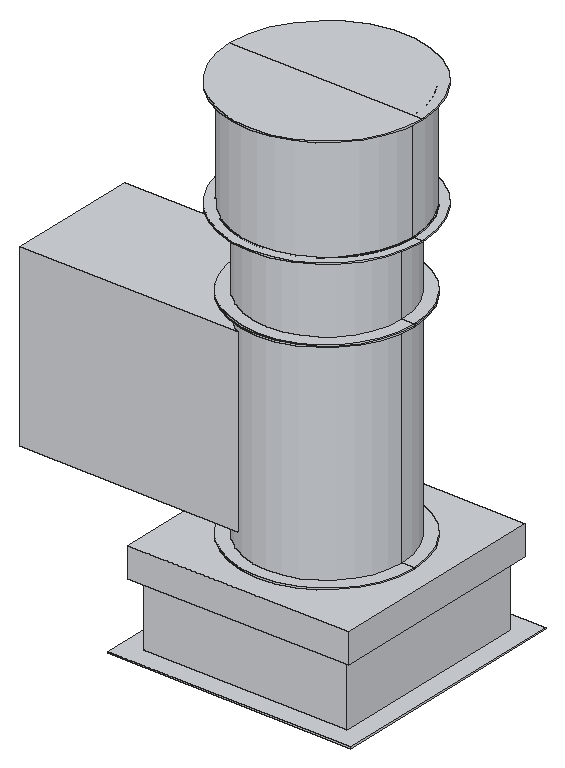
Revit family "AFBV-H_Roof_Exhauster", category Mechanical Equipment, Revit 2019
Family settings
  Round Connector Dimension = Use Diameter
  Part Type = Normal
  Work Plane-Based = No
  Always vertical = Yes
  Cut with Voids When Loaded = No
  Shared = No
  Room Calculation Point = No
Parameters (values of type "14_AFBV-H_ROOF_EXHAUSTER")
  VANE = 0' - 8"
  Unit Weight [instance] = ""
  UP_A_PLUS_VANE = UP_A + VANE  # 3' - 8"
  UP_A-E-3" = UP_A - E - 0' 3"  # 0' - 11"
  UP_A = 3' - 0"
  T_SQ = 1' - 10"
  RO/2 = RO / 2  # 0' - 8 3/4"
  RO = T_SQ - 0' 4 1/2"  # 1' - 5 1/2"
  ModelID [instance] = ""
  L/2 = L / 2  # 0' - 7 3/32"
  L = 1' - 2 3/16"
  K/2 = K / 2  # 0' - 0 3/16"
  K = 0' - 0 3/8"
  J/2 = J / 2  # 0' - 10 1/32"
  CURB_HEIGHT [instance] = 0' - 9 1/2"
  CURB [instance] = yes
  B/2*1.1 = B / 2 * 1.1  # 0' - 9.72813"
  Accessories [instance] = ""
  45 = 45.00°  # constant formula
  (T_SQ+.125")/2 = (T_SQ + 0' 0 1/4") / 2  # 0' - 11 1/8"
  (L-1")/2 = (L - 0' 1") / 2  # 0' - 6 19/32"
  (J+(J-A))/2 = (J + ((J - A) / 2)) / 2  # 0' - 11 21/64"
  J = 1' - 8 1/16"
  CENTER = 0' - 0"  # constant formula
  H-(A/2) = H - (A / 2)  # 1' - 6 3/16"
  H+J = H + CENTER  # 2' - 1 5/8"
  H = 2' - 1 5/8"
  Sones [instance] = ""
  Motor RPM [instance] = ""
  Motor Enclosure [instance] = ""
  LwA [instance] = ""
  G = 6' - 0"
  Fan RPM [instance] = ""
  F/2 = F / 2  # 0' - 0 5/32"
  F = 0' - 0 5/16"
  E/2 = E / 2  # 0' - 11"
  E-2" = E - 0' 2"  # 1' - 8"
  E = 1' - 10"
  C/2+J = C / 2 + CENTER  # 0' - 8 5/16"
  C/2 = C / 2  # 0' - 8 5/16"
  C = 1' - 4 5/8"
  B/2 = B / 2  # 0' - 8 27/32"
  B = 1' - 5 11/16"
  A/3 = A / 2.5  # 0' - 5.95"
  A/2 = A / 2  # 0' - 7 7/16"
  A = 1' - 2 7/8"
  60 = 60.00°  # constant formula
  30 = 30.00°  # constant formula
  3" = 0' - 3"  # constant formula
  Brake Hp [instance] = ""
  4" = 0' - 4"  # constant formula
  2' = 2' - 0"
  2" = 0' - 2"  # constant formula
  1" = 0' - 1"  # constant formula
  0 = 0' - 0"  # constant formula
  Voltage [instance] = 0 V
  URL = "www.lorencook.com"
  Type Comments = "Tube Axial Fan High Temperature Construction Roof Exhauster Belt Drive Arrangement 9"  # constant formula
  Static Pressure [instance] = 0.00 in-wg
  Power [instance] = Voltage * Motor FLA * sqrt(if(Phase = 3, 3, 1))  # 0 VA
  Phase [instance] = 0
  Number of Poles [instance] = 1
  Motor Hp [instance] = "0"
  Motor FLA [instance] = 0 A
  Model = "AFBV-H"  # constant formula
  Manufacturer = "Loren Cook Company"
  CFM [instance] = 0 CFM
  1.5 = 0' - 1 1/2"  # constant formula
  ONE EIGTH = 0' - 0 1/8"  # constant formula
  -E/2 = -E / 2  # -0' - 11"
  -(E-.25")/2 = -(E - 0' 0 1/4") / 2  # -0' - 10 7/8"
  (K/2)-((J-A-.25")/2) = (K / 2) - ((J - A - 0' 0 1/4") / 2)  # -0' - 2 9/32"
  (J-A-.25") = (J - A - 0' 0 1/4")  # 0' - 4 15/16"
  (H-(A/2))/2 = (H - (A / 2)) / 2  # 0' - 9 3/32"
  (E-.25")/2 = (E - 0' 0 1/4") / 2  # 0' - 10 7/8"
  (A+.25")/2 = (A + 0' 0 1/4") / 2  # 0' - 7 9/16"
Types (10): name | VANE | UP_A_PLUS_VANE | UP_A-E-3" | UP_A | T_SQ | RO/2 | RO | L/2 | L | K/2 | K | J/2 | B/2*1.1 | (T_SQ+.125")/2 | (L-1")/2 | (J+(J-A))/2 | J | H-(A/2) | H+J | H | F/2 | F | E/2 | E-2" | E | C/2+J | C/2 | C | B/2 | B | A/3 | A/2 | A | -E/2 | -(E-.25")/2 | (K/2)-((J-A-.25")/2) | (J-A-.25") | (H-(A/2))/2 | (E-.25")/2 | (A+.25")/2
  (no name) | 0' - 8" | 3' - 8" | 0' - 11" | 3' - 0" | 1' - 10" | 0' - 8 3/4" | 1' - 5 1/2" | 0' - 7 3/32" | 1' - 2 3/16" | 0' - 0 3/16" | 0' - 0 3/8" | 0' - 10 1/32" | 0' - 9.72813" | 0' - 11 1/8" | 0' - 6 19/32" | 0' - 11 21/64" | 1' - 8 1/16" | 1' - 6 3/16" | 2' - 1 5/8" | 2' - 1 5/8" | 0' - 0 5/32" | 0' - 0 5/16" | 0' - 11" | 1' - 8" | 1' - 10" | 0' - 8 5/16" | 0' - 8 5/16" | 1' - 4 5/8" | 0' - 8 27/32" | 1' - 5 11/16" | 0' - 5.95" | 0' - 7 7/16" | 1' - 2 7/8" | -0' - 11" | -0' - 10 7/8" | -0' - 2 9/32" | 0' - 4 15/16" | 0' - 9 3/32" | 0' - 10 7/8" | 0' - 7 9/16"
  12_AFBV-H_ROOF_EXHAUSTER | 0' - 6" | 3' - 6" | 0' - 11" | 3' - 0" | 1' - 10" | 0' - 8 3/4" | 1' - 5 1/2" | 0' - 6 3/8" | 1' - 0 3/4" | 0' - 0 3/16" | 0' - 0 3/8" | 0' - 9 1/32" | 0' - 8 19/32" | 0' - 11 1/8" | 0' - 5 7/8" | 0' - 10 21/64" | 1' - 6 1/16" | 1' - 6 3/16" | 2' - 0 5/8" | 2' - 0 5/8" | 0' - 0 5/32" | 0' - 0 5/16" | 0' - 11" | 1' - 8" | 1' - 10" | 0' - 7 5/16" | 0' - 7 5/16" | 1' - 2 5/8" | 0' - 7 13/16" | 1' - 3 5/8" | 0' - 5.15" | 0' - 6 7/16" | 1' - 0 7/8" | -0' - 11" | -0' - 10 7/8" | -0' - 2 9/32" | 0' - 4 15/16" | 0' - 9 3/32" | 0' - 10 7/8" | 0' - 6 9/16"
  16_AFBV-H_ROOF_EXHAUSTER | 0' - 10" | 4' - 1" | 0' - 11" | 3' - 3" | 2' - 2" | 0' - 10 3/4" | 1' - 9 1/2" | 0' - 7 13/16" | 1' - 3 5/8" | 0' - 0 3/16" | 0' - 0 3/8" | 0' - 11 1/32" | 0' - 10.79375" | 1' - 1 1/8" | 0' - 7 5/16" | 1' - 0 21/64" | 1' - 10 1/16" | 1' - 9 11/16" | 2' - 6 1/8" | 2' - 6 1/8" | 0' - 0 5/32" | 0' - 0 5/16" | 1' - 0 1/2" | 1' - 11" | 2' - 1" | 0' - 9 5/16" | 0' - 9 5/16" | 1' - 6 5/8" | 0' - 9 13/16" | 1' - 7 5/8" | 0' - 6 3/4" | 0' - 8 7/16" | 1' - 4 7/8" | -1' - 0 1/2" | -1' - 0 3/8" | -0' - 2 9/32" | 0' - 4 15/16" | 0' - 10 27/32" | 1' - 0 3/8" | 0' - 8 9/16"
  18_AFBV-H_ROOF_EXHAUSTER | 0' - 11" | 4' - 10" | 1' - 7" | 3' - 11" | 2' - 4" | 0' - 11 3/4" | 1' - 11 1/2" | 0' - 8 1/2" | 1' - 5" | 0' - 0 3/16" | 0' - 0 3/8" | 1' - 0 1/32" | 0' - 11.89375" | 1' - 2 1/8" | 0' - 8" | 1' - 1 21/64" | 2' - 0 1/16" | 1' - 9 11/16" | 2' - 7 1/8" | 2' - 7 1/8" | 0' - 0 5/32" | 0' - 0 5/16" | 1' - 0 1/2" | 1' - 11" | 2' - 1" | 0' - 10 5/16" | 0' - 10 5/16" | 1' - 8 5/8" | 0' - 10 13/16" | 1' - 9 5/8" | 0' - 7.55" | 0' - 9 7/16" | 1' - 6 7/8" | -1' - 0 1/2" | -1' - 0 3/8" | -0' - 2 9/32" | 0' - 4 15/16" | 0' - 10 27/32" | 1' - 0 3/8" | 0' - 9 9/16"
  24_AFBV-H_ROOF_EXHAUSTER | 1' - 1" | 5' - 7" | 1' - 8" | 4' - 6" | 3' - 0" | 1' - 3 3/4" | 2' - 7 1/2" | 0' - 10 7/8" | 1' - 9 3/4" | 0' - 0 3/16" | 0' - 0 3/8" | 1' - 3 13/32" | 1' - 4.01875" | 1' - 6 1/8" | 0' - 10 3/8" | 1' - 4 57/64" | 2' - 6 13/16" | 2' - 3 7/16" | 3' - 3 7/8" | 3' - 3 7/8" | 0' - 0 7/32" | 0' - 0 7/16" | 1' - 3 1/2" | 2' - 5" | 2' - 7" | 1' - 1 7/16" | 1' - 1 7/16" | 2' - 2 7/8" | 1' - 2 9/16" | 2' - 5 1/8" | 0' - 9.95" | 1' - 0 7/16" | 2' - 0 7/8" | -1' - 3 1/2" | -1' - 3 3/8" | -0' - 2 21/32" | 0' - 5 11/16" | 1' - 1 23/32" | 1' - 3 3/8" | 1' - 0 9/16"
  28_AFBV-H_ROOF_EXHAUSTER | 1' - 1" | 5' - 7" | 1' - 8" | 4' - 6" | 3' - 6" | 1' - 6 3/4" | 3' - 1 1/2" | 1' - 0 5/16" | 2' - 0 5/8" | 0' - 0 3/16" | 0' - 0 3/8" | 1' - 5 13/32" | 1' - 6 7/32" | 1' - 9 1/8" | 0' - 11 13/16" | 1' - 6 57/64" | 2' - 10 13/16" | 2' - 3 7/16" | 3' - 5 7/8" | 3' - 5 7/8" | 0' - 0 7/32" | 0' - 0 7/16" | 1' - 3 1/2" | 2' - 5" | 2' - 7" | 1' - 3 7/16" | 1' - 3 7/16" | 2' - 6 7/8" | 1' - 4 9/16" | 2' - 9 1/8" | 0' - 11.55" | 1' - 2 7/16" | 2' - 4 7/8" | -1' - 3 1/2" | -1' - 3 3/8" | -0' - 2 21/32" | 0' - 5 11/16" | 1' - 1 23/32" | 1' - 3 3/8" | 1' - 2 9/16"
  32_AFBV-H_ROOF_EXHAUSTER | 1' - 3" | 6' - 6" | 2' - 2" | 5' - 3" | 3' - 6" | 1' - 6 3/4" | 3' - 1 1/2" | 1' - 2 1/8" | 2' - 4 1/4" | 0' - 0 7/32" | 0' - 0 7/16" | 1' - 7 31/32" | 1' - 8.4875" | 1' - 9 1/8" | 1' - 1 5/8" | 1' - 9 45/64" | 3' - 3 15/16" | 2' - 4 3/4" | 3' - 9 1/4" | 3' - 9 1/4" | 0' - 0 7/32" | 0' - 0 7/16" | 1' - 5" | 2' - 8" | 2' - 10" | 1' - 5 1/2" | 1' - 5 1/2" | 2' - 11" | 1' - 6 5/8" | 3' - 1 1/4" | 1' - 1.2" | 1' - 4 1/2" | 2' - 9" | -1' - 5" | -1' - 4 7/8" | -0' - 3 1/8" | 0' - 6 11/16" | 1' - 2 3/8" | 1' - 4 7/8" | 1' - 4 5/8"
  36_AFBV-H_ROOF_EXHAUSTER | 1' - 4" | 6' - 7" | 2' - 2" | 5' - 3" | 4' - 0" | 1' - 9 3/4" | 3' - 7 1/2" | 1' - 3 17/32" | 2' - 7 1/16" | 0' - 0 7/32" | 0' - 0 7/16" | 1' - 9 31/32" | 1' - 10.75625" | 2' - 0 1/8" | 1' - 3 1/32" | 1' - 11 45/64" | 3' - 7 15/16" | 2' - 4 3/4" | 3' - 11 1/4" | 3' - 11 1/4" | 0' - 0 7/32" | 0' - 0 7/16" | 1' - 5" | 2' - 8" | 2' - 10" | 1' - 7 1/2" | 1' - 7 1/2" | 3' - 3" | 1' - 8 11/16" | 3' - 5 3/8" | 1' - 2.8" | 1' - 6 1/2" | 3' - 1" | -1' - 5" | -1' - 4 7/8" | -0' - 3 1/8" | 0' - 6 11/16" | 1' - 2 3/8" | 1' - 4 7/8" | 1' - 6 5/8"
  14_AFBV-H_ROOF_EXHAUSTER | 0' - 8" | 3' - 8" | 0' - 11" | 3' - 0" | 1' - 10" | 0' - 8 3/4" | 1' - 5 1/2" | 0' - 7 3/32" | 1' - 2 3/16" | 0' - 0 3/16" | 0' - 0 3/8" | 0' - 10 1/32" | 0' - 9.72813" | 0' - 11 1/8" | 0' - 6 19/32" | 0' - 11 21/64" | 1' - 8 1/16" | 1' - 6 3/16" | 2' - 1 5/8" | 2' - 1 5/8" | 0' - 0 5/32" | 0' - 0 5/16" | 0' - 11" | 1' - 8" | 1' - 10" | 0' - 8 5/16" | 0' - 8 5/16" | 1' - 4 5/8" | 0' - 8 27/32" | 1' - 5 11/16" | 0' - 5.95" | 0' - 7 7/16" | 1' - 2 7/8" | -0' - 11" | -0' - 10 7/8" | -0' - 2 9/32" | 0' - 4 15/16" | 0' - 9 3/32" | 0' - 10 7/8" | 0' - 7 9/16"
  20_AFBV-H_ROOF_EXHAUSTER | 1' - 0" | 5' - 6" | 1' - 8" | 4' - 6" | 3' - 0" | 1' - 3 3/4" | 2' - 7 1/2" | 0' - 9 5/16" | 1' - 6 5/8" | 0' - 0 3/16" | 0' - 0 3/8" | 1' - 1 5/32" | 1' - 1.02812" | 1' - 6 1/8" | 0' - 8 13/16" | 1' - 2 33/64" | 2' - 2 5/16" | 1' - 9 11/16" | 2' - 8 1/8" | 2' - 8 1/8" | 0' - 0 5/32" | 0' - 0 5/16" | 1' - 3 1/2" | 2' - 5" | 2' - 7" | 0' - 11 3/16" | 0' - 11 3/16" | 1' - 10 3/8" | 0' - 11 27/32" | 1' - 11 11/16" | 0' - 8.35" | 0' - 10 7/16" | 1' - 8 7/8" | -1' - 3 1/2" | -1' - 3 3/8" | -0' - 2 13/32" | 0' - 5 3/16" | 0' - 10 27/32" | 1' - 3 3/8" | 0' - 10 9/16"
Reference planes (in)
  plane 1 "Center (Front/Back)": y = 0
  plane 2: z = 0
  plane 3 "Center (Left/Right)": x = 0.40541
Forms (in)
  Revolve 1, solid
    sketch origin (0, 0, 0) x (1, 0, 0) y (0, 0, 1)
      loop
        line (0.40541, 3) -> (9.24916, 3) -> (9.24916, 3.125) -> (7.96791, 3.125) -> (7.96791, 24.875) -> (9.24916, 24.875) -> (9.24916, 25) -> (0.40541, 25) -> (0.40541, 3)
      axis (0.40541, 3) -> (0.40541, 25)
    angle from 0 to 360
  Extrusion 2, solid
    sketch origin (0.40541, 0, 24.875) x (1, 0, 0) y (0, -1, 0)
      loop
        arc (-3.70322, -6.59375) -> (-7.5625, 0) -> (-3.70322, 6.59375) r 7.5625
        line (-3.70322, 6.59375) -> (-25.625, 6.59375) -> (-25.625, -6.59375) -> (-3.70322, -6.59375)
    from 20 <- "E-2"" to 2
  Extrusion 3, void
    sketch origin (0, 0, 0) x (1, 0, 0) y (0, 1, 0)
      loop
        circle (0.40541, 0) r 0.125
    from -11 <- "-E/2" to 11 <- "E/2"
  Extrusion 4, solid
    sketch origin (0, 0, 0) x (1, 0, 0) y (0, 1, 0)
      loop
        line (-10.71959, 11.125) -> (-10.71959, -11.125) -> (11.53041, -11.125) -> (11.53041, 11.125) -> (-10.71959, 11.125)
    from 0 to 3
  Extrusion 5, void
    sketch origin (0, 0, 0) x (1, 0, 0) y (0, 1, 0)
      loop
        line (-10.59459, 11) -> (-10.59459, -11) -> (11.40541, -11) -> (11.40541, 11) -> (-10.59459, 11)
    from 0 to 2.875
  Revolve 6, solid
    sketch origin (0, 0, 0) x (1, 0, 0) y (0, 0, 1)
      loop
        line (0.40541, 32.875) -> (10.13354, 32.875) -> (10.13354, 33) -> (9.13354, 33) -> (9.13354, 43.875) -> (10.13354, 43.875) -> (10.13354, 44) -> (0.40541, 44) -> (0.40541, 32.875)
      axis (0.40541, 44) -> (0.40541, 32.875)
    angle from 0 to 360
  Extrusion 7, solid, visible <- "CURB"
    sketch origin (0, 0, 2.875) x (0, 1, 0) y (1, 0, 0)
      loop
        line (8.75, -8.34459) -> (8.75, 9.15541) -> (-8.75, 9.15541) -> (-8.75, -8.34459) -> (8.75, -8.34459)
      loop
        line (-10.25, 10.65541) -> (-10.25, -9.84459) -> (10.25, -9.84459) -> (10.25, 10.65541) -> (-10.25, 10.65541)
    from 0 to 9.5 <- "CURB_HEIGHT"
  Extrusion 8, solid, visible <- "CURB"
    sketch origin (0, 0, -6.625) x (-1, 0, 0) y (0, 1, 0)
      loop
        line (9.84459, -10.25) -> (9.84459, 10.25) -> (-10.65541, 10.25) -> (-10.65541, -10.25) -> (9.84459, -10.25)
      loop
        line (-12.65541, 12.25) -> (-12.65541, -12.25) -> (11.84459, -12.25) -> (11.84459, 12.25) -> (-12.65541, 12.25)
    from 0 to -0.125
  Revolve 9, solid
    sketch origin (0, 0, 0) x (1, 0, 0) y (0, 0, 1)
      loop
        line (9.24916, 25) -> (9.24916, 25.125) -> (7.96791, 25.125) -> (7.96791, 32.875) -> (9.24916, 32.875) -> (9.24916, 33) -> (7.84291, 33) -> (7.84291, 25) -> (9.24916, 25)
      axis (0.40541, 25) -> (0.40541, 33)
    angle from 0 to 360
Cuts and joins
  Extrusion 3 cuts Revolve 1
  Extrusion 3 cuts Extrusion 2
  Extrusion 5 cuts Extrusion 4
Dimensions and locks (in)
  "0": Revolve 1 sketch curve to plane 3 "Center (Left/Right)"  (x2)
  "(A+.25")/2": Revolve 1 sketch curve to plane 3 "Center (Left/Right)"
  "B/2": Revolve 1 sketch curve to plane 3 "Center (Left/Right)"  (x2)
  "ONE EIGTH": Revolve 1 sketch curve to Revolve 1 sketch curve  (x2)
  "E": Revolve 1 sketch curve to Revolve 1 sketch curve
  "3"": Revolve 1 sketch curve to level
  "H": Extrusion 2 sketch curve to plane 3 "Center (Left/Right)"
  "(L-1")/2": Extrusion 2 sketch curve to plane 1 "Center (Front/Back)"  (x2)
  "0": Extrusion 2 sketch curve to plane 3 "Center (Left/Right)"
  "0": Extrusion 2 sketch curve to plane 1 "Center (Front/Back)"
  "0": Extrusion 3 sketch curve to plane 3 "Center (Left/Right)"
  "0": plane 1 "Center (Front/Back)" to Extrusion 3 sketch curve
  "(T_SQ+.125")/2": Extrusion 4 sketch curve to plane 3 "Center (Left/Right)"
  "(T_SQ+.125")/2": plane 3 "Center (Left/Right)" to Extrusion 4 sketch curve
  "(T_SQ+.125")/2": plane 1 "Center (Front/Back)" to Extrusion 4 sketch curve
  "(T_SQ+.125")/2": Extrusion 4 sketch curve to plane 1 "Center (Front/Back)"
  "ONE EIGTH": Extrusion 5 sketch curve to Extrusion 4  (x3)
  "ONE EIGTH": Extrusion 4 to Extrusion 5 sketch curve
  "UP_A_PLUS_VANE": Revolve 6 sketch curve to level
  "VANE": Revolve 6 sketch curve to cut or joined group of Revolve 1, Extrusion 3
  "0": Revolve 6 sketch curve to plane 3 "Center (Left/Right)"  (x2)
  "B/2*1.1": Revolve 6 sketch curve to plane 3 "Center (Left/Right)"  (x2)
  "ONE EIGTH": Revolve 6 sketch curve to Revolve 6 sketch curve  (x2)
  "1"": Revolve 6 sketch curve to Revolve 6 sketch curve  (x2)
  "1.5": Extrusion 7 sketch curve to Extrusion 7 sketch curve  (x4)
  "RO/2": Extrusion 7 sketch curve to plane 3 "Center (Left/Right)"
  "RO/2": plane 3 "Center (Left/Right)" to Extrusion 7 sketch curve
  "RO/2": plane 1 "Center (Front/Back)" to Extrusion 7 sketch curve
  "RO/2": Extrusion 7 sketch curve to plane 1 "Center (Front/Back)"
  "2"": Extrusion 8 sketch curve to Extrusion 8 sketch curve  (x4)
  "0": Extrusion 7 to Extrusion 8 sketch curve
  "0": Extrusion 8 sketch curve to Extrusion 7  (x3)
  "0": Revolve 9 sketch curve to plane 3 "Center (Left/Right)"
  "(A+.25")/2": Revolve 9 sketch curve to plane 3 "Center (Left/Right)"
  "B/2": Revolve 9 sketch curve to plane 3 "Center (Left/Right)"  (x2)
  "ONE EIGTH": Revolve 9 sketch curve to Revolve 9 sketch curve  (x3)
  "VANE": Revolve 9 sketch curve to Revolve 9 sketch curve
  "0": Revolve 9 sketch curve to cut or joined group of Revolve 1, Extrusion 3
  "(A+.25")/2": radius of Extrusion 2 sketch curve
  "ONE EIGTH": radius of Extrusion 3 sketch curve
Automatic sketch dimensions
  Extrusion 2 sketch curve to Extrusion 2 sketch curve = 0' - 0"
  Revolve 1 sketch curve to Revolve 1 sketch curve = 0' - 0"
  Revolve 1 sketch curve to Revolve 1 sketch curve = 1' - 6"
  Revolve 6 sketch curve to Revolve 6 sketch curve = 0' - 6"
  Revolve 6 sketch curve to Revolve 6 sketch curve = 1' - 4"
  Revolve 9 sketch curve to Revolve 9 sketch curve = 1' - 4"
  Revolve 9 sketch curve to Revolve 9 sketch curve = 0' - 8"
Connectors (in)
  electrical at (-14.2587, -6.59375, 13.875)
    settings: on Extrusion 2, index 1, voltage 0 V, apparent load 0 VA, apparent load phase1 0 VA, apparent load phase2 0 VA, apparent load phase3 0 VA, power factor 1, load classification "Other", number of poles 1, system type 30, power factor state 1, is connector primary yes, connector utility no, sub classification motor no, connector description ""
  hvac at (0.40541, 0, 2.875), driven by "CFM", driven by "RO", driven by "RO"
    settings: on cut or joined group of Extrusion 4, Extrusion 5, index 2, duct flow 0 CFM, flow factor 0, pres drop 0.00 in-wg, loss coef 0, conn angle 0.00°, conn width 17 1/2", conn height 17 1/2", conn diameter 24", duct sys type 3, conn prof type 1, flow config 0, flow direction 1, loss method 0, conn ref index -1, conn util no, is conn primary yes, conn desc ""
